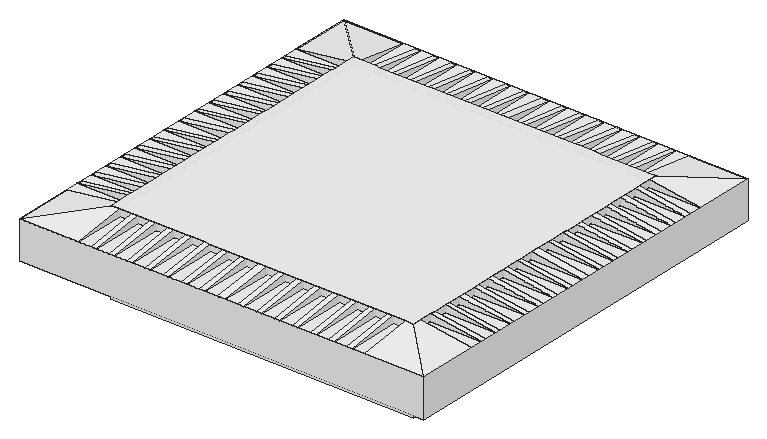
Revit family "CLED", category Lighting Fixtures, host Face, Revit 2014
Parameters (values of type "CLED")
  Wings = Hubbell - White Glass
  Width = 16"
  Watts = 120 W
  Wattage Comments = "120W"
  Wattage = 120 W
  Warranty = "5 years Warranty"  # constant formula
  built-in parameter 1150110 = 1 (stored number, unit not read)
  Voltage = 120 V
  URL = "https://www.hubbell.com/whiteway/en/"
  built-in parameter 1114217 = 1 (stored number, unit not read)
  Tilt Angle = -90.00°
  built-in parameter 1150109 = 1 (stored number, unit not read)
  built-in parameter 1150134 = 3
  built-in parameter 1150113 = 1 (stored number, unit not read)
  Reflector Finish = Hubbell - White Glass
  Product Link = "https://www.hubbell.com/whiteway/en/Products/Lighting-Controls/Commercial-Outdoor-Lighting/Ceiling-Canopy-Garage/CLED/p/1483078"
  Product Documentation Link = "https://hubbellcdn.com/specsheet/CLED_OHW.pdf"
  Power Factor = 1
  Photometric Web File = "CLED-120W.ies"
  Pendent Height [instance] = 12"
  Model = "CLED"  # constant formula
  Manufacturer = "Whiteway"  # constant formula
  built-in parameter 1150105 = 1403.7 (stored number, unit not read)
  Lumens = 17640 lm
  built-in parameter 1150115 = 1 (stored number, unit not read)
  Load Classification = Lighting
  built-in parameter 1150137 = (empty or 0)
  built-in parameter 1150139 = (empty or 0)
  Length = 16"
  built-in parameter 1150112 = 1 (stored number, unit not read)
  built-in parameter 1150114 = 1 (stored number, unit not read)
  Lamp = "LED"  # constant formula
  built-in parameter 1150132 = (empty or 0)
  built-in parameter 1150102 = (empty or 0)
  built-in parameter 1150107 = 3200 (stored number, unit not read)
  built-in parameter 1150138 = (empty or 0)
  built-in parameter 1150106 = 14.037 (stored number, unit not read)
  Housing Material = Paint - Hubbell - Matte White
  Fixture distribution = "Direct"  # constant formula
  Features = "Stylish vertically finned die-cast heat sink\r\n• Designed for optimal thermal transfer and easy installation\r\n• Made from low-copper marine-grade cast aluminum\r\n• Optical assembly designed to exceed IP66 design stadards allowing for light\r\nhose-down cleaning\r\n• Thermal frame technology provides state-of-the-art passive cooling in the\r\nmost demanding environments\r\n• 73 CRI standard\r\n• Wet Location Listed\r\n• Operating Temp: -40°C - 40°C\r\n• Hub Requires 3 inch Recess for Surface Mounting\r\n• Optional 0-10V dimming"  # constant formula
  Emit from Rectangle Width = Length - 1"  # 15"
  Emit from Rectangle Length = Width - 1"  # 15"
  Emit Shape Visible in Rendering = no
  built-in parameter 1150104 = 13.657 (stored number, unit not read)
  Drum-Height = 24"
  Dimming Lamp Color Temperature Shift = <None>
  Description = "Retrofit existing canopy (175w-400w) offering clean white\r\nlight giving greater visibility to each location"  # constant formula
  Default Elevation = 48"
  Copyright = " ©2020 Whiteway, a division of Hubbell Lighting, Inc"  # constant formula
  Contact = "https://www.hubbell.com/whiteway/en/contactUs"
  Connector Description = "Lighting Connector"  # constant formula
  Color Filter = 16777215
  built-in parameter 1114218 = 1 (stored number, unit not read)
  built-in parameter 1150133 = 10 (stored number, unit not read)
  Assembly Code = "D5020200"
  Apparent Load = Watts / Power Factor  # 120 VA
Reference planes (in)
  plane 1 "Center (Front/Back)": y = 0
  plane 2: z = 0
  plane 3 "Center (Left/Right)": x = 0
  plane 4: z = -1.5
  plane 5: y = -8
  plane 6: y = 8
  plane 7: x = 8
  plane 8: x = -8
  plane 9: y = 7.5
  plane 10: y = -7.5
Forms (in)
  Extrusion 1, solid, material "Paint - Hubbell - Matte White" <- "Housing Material"
    sketch origin (0, 0, 0) x (1, 0, 0) y (0, 1, 0)
      loop
        line (-8, 8) -> (-8, -8) -> (8, -8) -> (8, 8) -> (-8, 8)
    from -1.5 to 0
  Sweep 2, solid, material "Paint - Hubbell - Matte White" <- "Housing Material"
    path origin (0, 0, 0) x (1, 0, 0) y (0, 1, 0)
      loop
        line (-6, 6) -> (-6, -6) -> (6, -6) -> (6, 6) -> (-6, 6)
    profile origin (0, 6, 0) x (0, 1, 0) y (0, 0, 1)
      loop
        line (0, 0) -> (2, 0) -> (0, 0.28108) -> (0, 0)
  Extrusion 3, solid, material "Hubbell - White Glass" <- "Reflector Finish"
    sketch origin (0, 0, 0) x (1, 0, 0) y (0, 1, 0)
      loop
        line (-6, 6) -> (-6, -6) -> (6, -6) -> (6, 6) -> (-6, 6)
    from 0 to 0.28108
  Extrusion 4, void
    sketch origin (0, 0, 0) x (1, 0, 0) y (0, 1, 0)
      loop
        line (-5.66021, -6) -> (-5.66021, -8) -> (-5.16021, -8) -> (-5.16021, -6) -> (-5.66021, -6)
      loop
        line (-4.94542, -6) -> (-4.94542, -8) -> (-4.44542, -8) -> (-4.44542, -6) -> (-4.94542, -6)
      loop
        line (-4.23063, -6) -> (-4.23063, -8) -> (-3.73063, -8) -> (-3.73063, -6) -> (-4.23063, -6)
      loop
        line (-3.51584, -6) -> (-3.51584, -8) -> (-3.01584, -8) -> (-3.01584, -6) -> (-3.51584, -6)
      loop
        line (-2.80105, -6) -> (-2.80105, -8) -> (-2.30105, -8) -> (-2.30105, -6) -> (-2.80105, -6)
      loop
        line (-2.08626, -6) -> (-2.08626, -8) -> (-1.58626, -8) -> (-1.58626, -6) -> (-2.08626, -6)
      loop
        line (-1.37147, -6) -> (-1.37147, -8) -> (-0.87147, -8) -> (-0.87147, -6) -> (-1.37147, -6)
      loop
        line (-0.65668, -6) -> (-0.65668, -8) -> (-0.15668, -8) -> (-0.15668, -6) -> (-0.65668, -6)
      loop
        line (5.66021, -6) -> (5.16021, -6) -> (5.16021, -8) -> (5.66021, -8) -> (5.66021, -6)
      loop
        line (4.94542, -6) -> (4.44542, -6) -> (4.44542, -8) -> (4.94542, -8) -> (4.94542, -6)
      loop
        line (4.23063, -6) -> (3.73063, -6) -> (3.73063, -8) -> (4.23063, -8) -> (4.23063, -6)
      loop
        line (3.51584, -6) -> (3.01584, -6) -> (3.01584, -8) -> (3.51584, -8) -> (3.51584, -6)
      loop
        line (2.80105, -6) -> (2.30105, -6) -> (2.30105, -8) -> (2.80105, -8) -> (2.80105, -6)
      loop
        line (2.08626, -6) -> (1.58626, -6) -> (1.58626, -8) -> (2.08626, -8) -> (2.08626, -6)
      loop
        line (1.37147, -6) -> (0.87147, -6) -> (0.87147, -8) -> (1.37147, -8) -> (1.37147, -6)
      loop
        line (0.65668, -6) -> (0.15668, -6) -> (0.15668, -8) -> (0.65668, -8) -> (0.65668, -6)
      loop
        line (-5.66021, 6) -> (-5.16021, 6) -> (-5.16021, 8) -> (-5.66021, 8) -> (-5.66021, 6)
      loop
        line (-4.94542, 6) -> (-4.44542, 6) -> (-4.44542, 8) -> (-4.94542, 8) -> (-4.94542, 6)
      loop
        line (-4.23063, 6) -> (-3.73063, 6) -> (-3.73063, 8) -> (-4.23063, 8) -> (-4.23063, 6)
      loop
        line (-3.51584, 6) -> (-3.01584, 6) -> (-3.01584, 8) -> (-3.51584, 8) -> (-3.51584, 6)
      loop
        line (-2.80105, 6) -> (-2.30105, 6) -> (-2.30105, 8) -> (-2.80105, 8) -> (-2.80105, 6)
      loop
        line (-2.08626, 6) -> (-1.58626, 6) -> (-1.58626, 8) -> (-2.08626, 8) -> (-2.08626, 6)
      loop
        line (-1.37147, 6) -> (-0.87147, 6) -> (-0.87147, 8) -> (-1.37147, 8) -> (-1.37147, 6)
      loop
        line (-0.65668, 6) -> (-0.15668, 6) -> (-0.15668, 8) -> (-0.65668, 8) -> (-0.65668, 6)
      loop
        line (5.66021, 6) -> (5.66021, 8) -> (5.16021, 8) -> (5.16021, 6) -> (5.66021, 6)
      loop
        line (4.94542, 6) -> (4.94542, 8) -> (4.44542, 8) -> (4.44542, 6) -> (4.94542, 6)
      loop
        line (4.23063, 6) -> (4.23063, 8) -> (3.73063, 8) -> (3.73063, 6) -> (4.23063, 6)
      loop
        line (3.51584, 6) -> (3.51584, 8) -> (3.01584, 8) -> (3.01584, 6) -> (3.51584, 6)
      loop
        line (2.80105, 6) -> (2.80105, 8) -> (2.30105, 8) -> (2.30105, 6) -> (2.80105, 6)
      loop
        line (2.08626, 6) -> (2.08626, 8) -> (1.58626, 8) -> (1.58626, 6) -> (2.08626, 6)
      loop
        line (1.37147, 6) -> (1.37147, 8) -> (0.87147, 8) -> (0.87147, 6) -> (1.37147, 6)
      loop
        line (0.65668, 6) -> (0.65668, 8) -> (0.15668, 8) -> (0.15668, 6) -> (0.65668, 6)
      loop
        line (6, 5.66021) -> (6, 5.16021) -> (8, 5.16021) -> (8, 5.66021) -> (6, 5.66021)
      loop
        line (6, 4.94542) -> (6, 4.44542) -> (8, 4.44542) -> (8, 4.94542) -> (6, 4.94542)
      loop
        line (6, 4.23063) -> (6, 3.73063) -> (8, 3.73063) -> (8, 4.23063) -> (6, 4.23063)
      loop
        line (6, 3.51584) -> (6, 3.01584) -> (8, 3.01584) -> (8, 3.51584) -> (6, 3.51584)
      loop
        line (6, 2.80105) -> (6, 2.30105) -> (8, 2.30105) -> (8, 2.80105) -> (6, 2.80105)
      loop
        line (6, 2.08626) -> (6, 1.58626) -> (8, 1.58626) -> (8, 2.08626) -> (6, 2.08626)
      loop
        line (6, 1.37147) -> (6, 0.87147) -> (8, 0.87147) -> (8, 1.37147) -> (6, 1.37147)
      loop
        line (6, 0.65668) -> (6, 0.15668) -> (8, 0.15668) -> (8, 0.65668) -> (6, 0.65668)
      loop
        line (6, -5.66021) -> (8, -5.66021) -> (8, -5.16021) -> (6, -5.16021) -> (6, -5.66021)
      loop
        line (6, -4.94542) -> (8, -4.94542) -> (8, -4.44542) -> (6, -4.44542) -> (6, -4.94542)
      loop
        line (6, -4.23063) -> (8, -4.23063) -> (8, -3.73063) -> (6, -3.73063) -> (6, -4.23063)
      loop
        line (6, -3.51584) -> (8, -3.51584) -> (8, -3.01584) -> (6, -3.01584) -> (6, -3.51584)
      loop
        line (6, -2.80105) -> (8, -2.80105) -> (8, -2.30105) -> (6, -2.30105) -> (6, -2.80105)
      loop
        line (6, -2.08626) -> (8, -2.08626) -> (8, -1.58626) -> (6, -1.58626) -> (6, -2.08626)
      loop
        line (6, -1.37147) -> (8, -1.37147) -> (8, -0.87147) -> (6, -0.87147) -> (6, -1.37147)
      loop
        line (6, -0.65668) -> (8, -0.65668) -> (8, -0.15668) -> (6, -0.15668) -> (6, -0.65668)
      loop
        line (-6, 5.66021) -> (-8, 5.66021) -> (-8, 5.16021) -> (-6, 5.16021) -> (-6, 5.66021)
      loop
        line (-6, 4.94542) -> (-8, 4.94542) -> (-8, 4.44542) -> (-6, 4.44542) -> (-6, 4.94542)
      loop
        line (-6, 4.23063) -> (-8, 4.23063) -> (-8, 3.73063) -> (-6, 3.73063) -> (-6, 4.23063)
      loop
        line (-6, 3.51584) -> (-8, 3.51584) -> (-8, 3.01584) -> (-6, 3.01584) -> (-6, 3.51584)
      loop
        line (-6, 2.80105) -> (-8, 2.80105) -> (-8, 2.30105) -> (-6, 2.30105) -> (-6, 2.80105)
      loop
        line (-6, 2.08626) -> (-8, 2.08626) -> (-8, 1.58626) -> (-6, 1.58626) -> (-6, 2.08626)
      loop
        line (-6, 1.37147) -> (-8, 1.37147) -> (-8, 0.87147) -> (-6, 0.87147) -> (-6, 1.37147)
      loop
        line (-6, 0.65668) -> (-8, 0.65668) -> (-8, 0.15668) -> (-6, 0.15668) -> (-6, 0.65668)
      loop
        line (-6, -5.66021) -> (-6, -5.16021) -> (-8, -5.16021) -> (-8, -5.66021) -> (-6, -5.66021)
      loop
        line (-6, -4.94542) -> (-6, -4.44542) -> (-8, -4.44542) -> (-8, -4.94542) -> (-6, -4.94542)
      loop
        line (-6, -4.23063) -> (-6, -3.73063) -> (-8, -3.73063) -> (-8, -4.23063) -> (-6, -4.23063)
      loop
        line (-6, -3.51584) -> (-6, -3.01584) -> (-8, -3.01584) -> (-8, -3.51584) -> (-6, -3.51584)
      loop
        line (-6, -2.80105) -> (-6, -2.30105) -> (-8, -2.30105) -> (-8, -2.80105) -> (-6, -2.80105)
      loop
        line (-6, -2.08626) -> (-6, -1.58626) -> (-8, -1.58626) -> (-8, -2.08626) -> (-6, -2.08626)
      loop
        line (-6, -1.37147) -> (-6, -0.87147) -> (-8, -0.87147) -> (-8, -1.37147) -> (-6, -1.37147)
      loop
        line (-6, -0.65668) -> (-6, -0.15668) -> (-8, -0.15668) -> (-8, -0.65668) -> (-6, -0.65668)
    from 0 to 0.28108
  Extrusion 5, solid
    sketch origin (0, 0, 0) x (1, 0, 0) y (0, 1, 0)
      loop
        line (-1, 1) -> (-1, 0) -> (-1, -1) -> (0, -1) -> (1, -1) -> (1, 0) -> (1, 1) -> (0, 1) -> (-1, 1)
    from -1.5 to -3.91063
  Extrusion 6, solid, material "Hubbell - White Glass" <- "Wings"
    sketch origin (0, 0, 0) x (1, 0, 0) y (0, 1, 0)
      loop
        line (-6, 6) -> (-6, -6) -> (6, -6) -> (6, 6) -> (-6, 6)
    from 0 to -3.05078
Cuts and joins
  Extrusion 4 cuts Extrusion 1
  Extrusion 4 cuts Sweep 2
  Extrusion 4 cuts Extrusion 3
Dimensions and locks (in)
  "Width": plane 8 to plane 7
  "Length": plane 5 to plane 6
  equal spacing: plane 5, plane 1 "Center (Front/Back)", plane 6
  equal spacing: plane 8, plane 3 "Center (Left/Right)", plane 7
  plane 2 to plane 4 = 1 1/2"
  locked: plane 5 to plane 10 at 0.5
  locked: plane 9 to plane 6 at 0.5
  aligned and locked: plane 2 to host face
  aligned and locked: level to host face
  aligned and locked: imposter light to plane 1 "Center (Front/Back)"
  aligned and locked: Extrusion 1 to plane 4
  aligned and locked: Extrusion 3 to Sweep 2
Automatic sketch dimensions
  host sketch curve to host sketch curve = 96"  (x2)
  plane 5 to Extrusion 1 sketch curve = 0"
  Extrusion 1 sketch curve to plane 8 = 0"
  Extrusion 1 sketch curve to plane 7 = 0"
  plane 6 to Extrusion 1 sketch curve = 0"
  plane 8 to Sweep 2 sketch curve = 2"
  Sweep 2 sketch curve to plane 7 = 2"
  Sweep 2 sketch curve to plane 10 = 1 1/2"
  plane 9 to Sweep 2 sketch curve = 1 1/2"
  Sweep 2 sketch curve to profile plane = 0"
  Sweep 2 sketch curve to level = 0"
  Sweep 2 sketch curve to profile plane = 2"
  level to Sweep 2 sketch curve = 0.28108"
  plane 8 to Extrusion 3 sketch curve = 2"
  Extrusion 3 sketch curve to plane 7 = 2"
  Extrusion 3 sketch curve to plane 10 = 1 1/2"
  plane 9 to Extrusion 3 sketch curve = 1 1/2"
  Extrusion 4 sketch curve to plane 8 = 0"  (x16)
  plane 6 to Extrusion 4 sketch curve = 0"  (x16)
  plane 5 to Extrusion 4 sketch curve = 0"  (x16)
  Extrusion 4 sketch curve to plane 7 = 0"  (x16)
  Extrusion 4 sketch curve to Extrusion 4 sketch curve = 2"  (x3)
  Extrusion 4 sketch curve to plane 1 "Center (Front/Back)" = 0.15668"  (x2)
  Extrusion 4 sketch curve to Extrusion 4 sketch curve = 0"  (x55)
  Extrusion 4 sketch curve to Extrusion 4 sketch curve = 0.33979"  (x6)
  plane 8 to Extrusion 4 sketch curve = 2.33979"
  Extrusion 4 sketch curve to Extrusion 4 sketch curve = 1/2"  (x60)
  Extrusion 4 sketch curve to Extrusion 4 sketch curve = 0.21479"  (x56)
  Extrusion 4 sketch curve to plane 3 "Center (Left/Right)" = 0.15668"  (x2)
  plane 3 "Center (Left/Right)" to Extrusion 4 sketch curve = 0.15668"  (x2)
  plane 1 "Center (Front/Back)" to Extrusion 4 sketch curve = 0.15668"  (x2)
  Extrusion 4 sketch curve to plane 10 = 1 1/2"  (x2)
  plane 9 to Extrusion 4 sketch curve = 1 1/2"
  plane 1 "Center (Front/Back)" to Extrusion 5 sketch curve = 0"  (x2)
  Extrusion 5 sketch curve to plane 3 "Center (Left/Right)" = 0"  (x2)
  Extrusion 5 sketch curve to Extrusion 5 sketch curve = 1"  (x2)
  plane 3 "Center (Left/Right)" to Extrusion 5 sketch curve = 1"
  Extrusion 5 sketch curve to plane 1 "Center (Front/Back)" = 1"
  plane 8 to Extrusion 6 sketch curve = 2"
  Extrusion 6 sketch curve to plane 7 = 2"
  Extrusion 6 sketch curve to plane 10 = 1 1/2"
  plane 9 to Extrusion 6 sketch curve = 1 1/2"
Connectors (in)
  electrical at (0, 0, -1.5), driven by "Voltage", driven by "Apparent Load", driven by "Power Factor", driven by "Connector Description"
    settings: on cut or joined group of Extrusion 1, Extrusion 4, index 1, voltage 120 V, apparent load 0 VA, apparent load phase1 120 VA, apparent load phase2 0 VA, apparent load phase3 0 VA, power factor 1, load classification "Other", number of poles 1, system type 31, power factor state 1, is connector primary yes, connector utility no, sub classification motor no, connector description "Lighting Connector"
